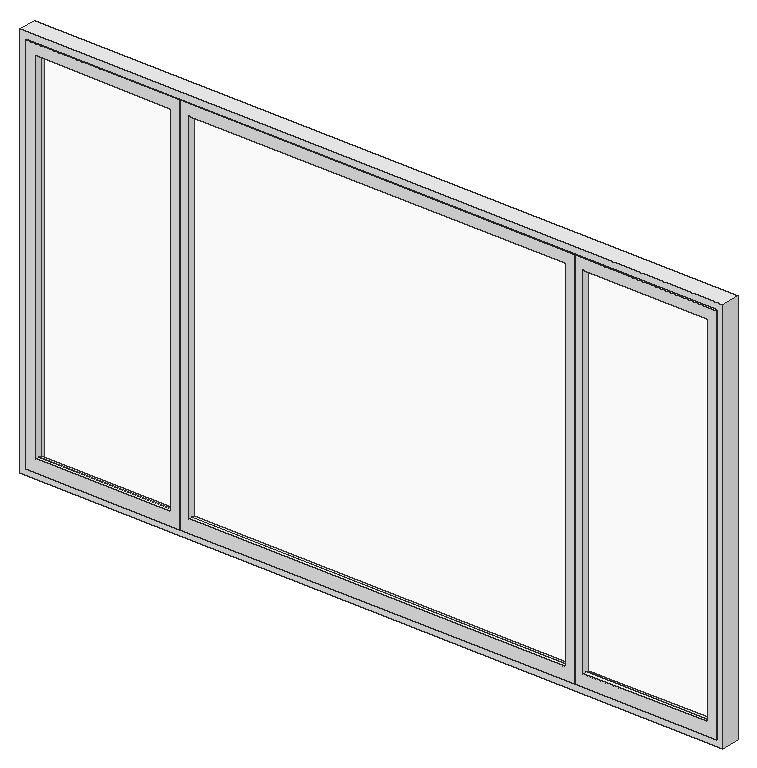
Revit family
Parameters (values of type "39 X 22")
  Assembly Code = ""
  Top Rail = 50 mm
  Stile = 50 mm
  Shutter = 합성수지
  Panel = Glass (2)
  Height = 2210 mm
  Frame Width = 50 mm
  Frame Depth = 100 mm
  Frame = 합성수지
  Default Sill Height = 0 mm
  Wall Closure = (empty or 0)
  Width = 3910 mm
  Bottom Rail = 50 mm
Reference planes
  plane 1: y = 5
  plane 2 "Center (Left/Right)": x = 0
  plane 3 "Left": x = -1955
  plane 4 "Right": x = 1955
  plane 5 "Sill": z = 0
  plane 6 "Head": z = 2210
  plane 7 "Exterior": y = 80
  plane 8 "Interior": y = -70
  plane 9: x = -1905
  plane 10: x = 1905
  plane 11: y = 55
  plane 12: y = -45
  plane 13: z = 2160
  plane 14: z = 50
  plane 15: x = -1855
  plane 16: x = 1855
  plane 17: z = 2110
  plane 18: z = 100
  plane 19: x = -50
  plane 20: x = 50
  plane 21: z = 1105
Forms (mm)
  Sweep 1, solid, material "합성수지" <- "Frame"
    path origin (0, 5.744, -44.994) x (1, 0, 0) y (0, 0, 1)
      loop
        line (-1800, 200) -> (1800, 200) -> (1800, 2100) -> (-1800, 2100) -> (-1800, 200)
    profile origin (0, 0, 1105.006) x (-1, 0, 0) y (0, -1, 0)
      loop
        line (1955, 44.256) -> (1920, 44.256) -> (1920, 9.256) -> (1905, 9.256) -> (1905, -55.744) -> (1955, -55.744) -> (1955, 44.256)
  Extrusion 2, solid, material "Glass (2)" <- "Panel"
    sketch origin (0, 0, 100) x (0, -1, 0) y (-1, 0, 0)
      loop
        line (25.5, 1032.5) -> (29.5, 1032.5) -> (29.5, 1869.832) -> (25.5, 1869.832) -> (25.5, 1032.5)
      loop
        line (25.5, 1025) -> (25.5, -1130) -> (29.5, -1130) -> (29.5, 1025) -> (25.5, 1025)
      loop
        line (25.5, -1869.689) -> (29.5, -1869.689) -> (29.5, -1135) -> (25.5, -1135) -> (25.5, -1869.689)
    from 0 to -2010
  Extrusion 3, solid, material "합성수지" <- "Shutter"
    sketch origin (0, -45, 0) x (-1, 0, 0) y (0, 0, -1)
      loop
        line (-1130, -30.006) -> (-1920, -30.006) -> (-1920, -2170.006) -> (-1130, -2170.006) -> (-1130, -30.006)
      loop
        line (-1869.689, -2110) -> (-1176.24, -2110) -> (-1176.24, -100) -> (-1869.689, -100) -> (-1869.689, -2110)
    from 0 to -35
  Extrusion 4, solid, material "합성수지" <- "Shutter"
    sketch origin (1130, -45, 0) x (1, 0, 0) y (0, 0, 1)
      loop
        line (0, 30.006) -> (0, 2170.006) -> (-2195, 2170.006) -> (-2195, 30.006) -> (0, 30.006)
      loop
        line (-2147.69, 2110) -> (-2147.69, 100) -> (-50, 100) -> (-50, 2110) -> (-2147.69, 2110)
    from 0 to -35
  Extrusion 5, solid, material "합성수지" <- "Shutter"
    sketch origin (-2985, -45, 65) x (-1, 0, 0) y (0, 0, -1)
      loop
        line (-1065, 34.994) -> (-1920, 34.994) -> (-1920, -2105.006) -> (-1065, -2105.006) -> (-1065, 34.994)
      loop
        line (-1870.79, -2045) -> (-1115.168, -2045) -> (-1115.168, -35) -> (-1870.79, -35) -> (-1870.79, -2045)
    from 0 to -35
Lines and regions (mm)
  Opening 1
    outline origin (3500, -70, 0) x (1, 0, 0) y (0, 0, 1)
      loop
        line (-1545, 0) -> (-1545, 2210) -> (-5455, 2210) -> (-5455, 0) -> (-1545, 0)
  symbolic lines, style "WindowsFrameMullionProjection", detail levels medium+fine
    curve 1: line (-1955, 55.744, 0) -> (-1905, 55.744, 0)
    curve 2: line (-1905, 55.744, 0) -> (-1905, -15, 0)
    curve 3: line (-1920, -15, 0) -> (-1905, -15, 0)
    curve 4: line (-1920, -15, 0) -> (-1920, -45, 0)
    curve 5: line (-1955, -45, 0) -> (-1920, -45, 0)
    curve 6: line (1955, 55.744, 0) -> (1905, 55.744, 0)
    curve 7: line (1905, 55.744, 0) -> (1905, -14.256, 0)
    curve 8: line (1905, -9.256, 0) -> (1920, -9.256, 0)
    curve 9: line (1920, -9.256, 0) -> (1920, -44.256, 0)
    curve 10: line (1920, -44.256, 0) -> (1955, -44.256, 0)
    curve 11: line (1955, -44.256, 0) -> (1955, 55.744, 0)
    curve 13: line (-1955, 55.744, 0) -> (-1955, -45, 0)
  symbolic lines, style "Plan Swing"
    curve 12: line (-1920, -45, 0) -> (1920, -44.256, 0)
  symbolic lines, style "WindowsFrameMullionProjection", detail levels coarse
    curve 14: line (-1920, -45, 0) -> (-1955, -45, 0)
    curve 15: line (-1920, 55.744, 0) -> (-1920, -45, 0)
    curve 16: line (-1955, 55.744, 0) -> (-1920, 55.744, 0)
    curve 17: line (-1955, -45, 0) -> (-1955, 55.744, 0)
    curve 18: line (1920, -44.256, 0) -> (1955, -44.256, 0)
    curve 19: line (1920, 55.744, 0) -> (1920, -44.256, 0)
    curve 20: line (1955, 55.744, 0) -> (1920, 55.744, 0)
    curve 21: line (1955, -44.256, 0) -> (1955, 55.744, 0)
  symbolic lines, style "Elevation Swing Coarse", detail levels coarse
    curve 22: line (1905, 0, 1105) -> (0, 0, 1505)
    curve 23: line (1905, 0, 1105) -> (0, 0, 595)
    curve 24: line (0, 0, 1505) -> (-1905, 0, 1105)
    curve 25: line (0, 0, 595) -> (-1905, 0, 1105)
  symbolic lines, style "Plan Swing", detail levels coarse
    curve 26: line (-1920, -9.256, 0) -> (1920, -9.256, 0)
  symbolic lines, style "Elevation Swing Medium", detail levels medium
    curve 27: line (1905, 0, 1105) -> (0, 0, 1505)
    curve 28: line (1905, 0, 1105) -> (0, 0, 595)
    curve 29: line (0, 0, 1505) -> (-1905, 0, 1105)
    curve 30: line (0, 0, 595) -> (-1905, 0, 1105)
  symbolic lines, style "Elevation Swing Fine", detail levels fine
    curve 31: line (1905, 0, 1105) -> (0, 0, 1505)
    curve 32: line (1905, 0, 1105) -> (0, 0, 595)
    curve 33: line (0, 0, 1505) -> (-1905, 0, 1105)
    curve 34: line (0, 0, 595) -> (-1905, 0, 1105)
Text (mm)
  text "EXTERIOR" at (-1963.203, 1332.353, 0), in view "Ref. Level"
  text "INTERIOR" at (-1981.466, -818.386, 0), in view "Ref. Level"
  text "Exterior" at (0, 923.751, 2943.296), in view "Right"
  text "Exterior" at (0, 1040.484, 2685.409), in view "Left"
Dimensions and locks
  equal spacing: plane 3 "Left", plane 2 "Center (Left/Right)", plane 4 "Right"
  "Width": plane 3 "Left" to plane 4 "Right"
  "Height": plane 5 "Sill" to plane 6 "Head"
  "Default Sill Height": plane 5 "Sill" to level
  locked: plane 7 "Exterior" to host wall at 0
  locked: plane 8 "Interior" to host wall
  locked: Sweep 1 sketch curve to Sweep 1 sketch curve at 15
  locked: Sweep 1 sketch curve to Sweep 1 sketch curve at 35
  "Frame Width": plane 3 "Left" to plane 9
  "Frame Width": plane 10 to plane 4 "Right"
  equal spacing: plane 12, plane 1, plane 11
  "Frame Depth": plane 12 to plane 11
  "Frame Width": plane 6 "Head" to plane 13
  "Frame Width": plane 14 to plane 5 "Sill"
  "Stile": plane 15 to plane 9
  "Stile": plane 10 to plane 16
  "Stile": plane 2 "Center (Left/Right)" to plane 19
  "Stile": plane 20 to plane 2 "Center (Left/Right)"
  "Top Rail": plane 13 to plane 17
  "Bottom Rail": plane 18 to plane 14
  equal spacing: plane 6 "Head", plane 21, plane 5 "Sill"
  equal spacing: plane 8 "Interior", plane 1, plane 7 "Exterior"
  aligned and locked: Sweep 1 sketch curve to plane 3 "Left"
  aligned and locked: plane 9 to Sweep 1 sketch curve
  aligned and locked: curve 1 to Sweep 1  (x2)
  aligned and locked: curve 2 to Sweep 1
  aligned and locked: curve 3 to Sweep 1
  aligned and locked: Sweep 1 to curve 5
  aligned and locked: Sweep 1 to curve 6
  aligned and locked: curve 7 to Sweep 1
  aligned and locked: curve 7 to curve 8
  aligned and locked: Sweep 1 to curve 8
  aligned and locked: Sweep 1 to curve 9
  aligned and locked: curve 13 to curve 1
  aligned and locked: curve 13 to curve 5
  aligned and locked: plane 3 "Left" to curve 13
  aligned and locked: curve 21 to Sweep 1  (x2)
  aligned and locked: curve 26 to Sweep 1
  aligned: Extrusion 2 to Extrusion 3
Automatic sketch dimensions
  curve 12 to plane 12 = 0 mm
  plane 10 to curve 8 = 15 mm
  curve 3 to curve 26 = 5.744 mm
  curve 7 to curve 8 = 5 mm
  curve 29 to plane 2 "Center (Left/Right)" = 0 mm
  curve 24 to plane 9 = 0 mm
  curve 24 to plane 21 = 0 mm
  curve 27 to plane 10 = 0 mm
  curve 27 to plane 21 = 0 mm
  curve 32 to plane 2 "Center (Left/Right)" = 0 mm
  curve 33 to plane 21 = 400 mm
  curve 32 to plane 18 = 495 mm
  Opening 1 sketch curve to level = 0 mm
  Opening 1 sketch curve to plane 3 "Left" = 0 mm
  Opening 1 sketch curve to plane 4 "Right" = 0 mm
  Opening 1 sketch curve to plane 6 "Head" = 0 mm
  plane 15 to Sweep 1 sketch curve = 55 mm
  Sweep 1 sketch curve to plane 16 = 55 mm
  Sweep 1 sketch curve to plane 18 = 55.006 mm
  plane 17 to Sweep 1 sketch curve = 54.994 mm
  Sweep 1 sketch curve to Sweep 1 sketch curve = 65 mm
  plane 16 to Extrusion 3 sketch curve = 14.689 mm
  Extrusion 3 sketch curve to plane 17 = 0 mm
  Extrusion 3 sketch curve to plane 18 = 0 mm
  plane 10 to Extrusion 3 sketch curve = 15 mm
  Extrusion 3 sketch curve to Extrusion 3 sketch curve = 693.449 mm
  plane 14 to Extrusion 3 sketch curve = 19.994 mm
  Extrusion 3 sketch curve to Extrusion 3 sketch curve = 46.24 mm
  Extrusion 3 sketch curve to plane 13 = 10.006 mm
  plane 18 to Extrusion 4 sketch curve = 0 mm
  Extrusion 4 sketch curve to plane 17 = 0 mm
  Extrusion 4 sketch curve to plane 13 = 10.006 mm
  Extrusion 4 sketch curve to plane 19 = 1015 mm
  Extrusion 4 sketch curve to Extrusion 4 sketch curve = 47.31 mm
  Extrusion 4 sketch curve to plane 16 = 775 mm
  plane 14 to Extrusion 4 sketch curve = 19.994 mm
  Extrusion 4 sketch curve to Extrusion 4 sketch curve = 50 mm
  plane 18 to Extrusion 5 sketch curve = 69.994 mm
  Extrusion 5 sketch curve to plane 15 = 65 mm
  Extrusion 5 sketch curve to plane 15 = 14.832 mm
  plane 13 to Extrusion 5 sketch curve = 50 mm
  Extrusion 5 sketch curve to Extrusion 5 sketch curve = 755.622 mm
  plane 6 "Head" to Extrusion 5 sketch curve = 39.994 mm
  Extrusion 5 sketch curve to Extrusion 5 sketch curve = 49.21 mm
  Extrusion 5 sketch curve to plane 18 = 0 mm
  Extrusion 2 sketch curve to plane 15 = 14.832 mm
  Extrusion 2 sketch curve to plane 12 = 19.5 mm  (x2)
  Extrusion 2 sketch curve to Extrusion 2 sketch curve = 0 mm
  Extrusion 2 sketch curve to Extrusion 2 sketch curve = 4 mm  (x3)
  plane 15 to Extrusion 2 sketch curve = 822.5 mm
  Extrusion 2 sketch curve to Extrusion 2 sketch curve = 7.5 mm
  plane 20 to Extrusion 2 sketch curve = 1080 mm
  Extrusion 2 sketch curve to Extrusion 2 sketch curve = 5 mm
  plane 16 to Extrusion 2 sketch curve = 14.689 mm
